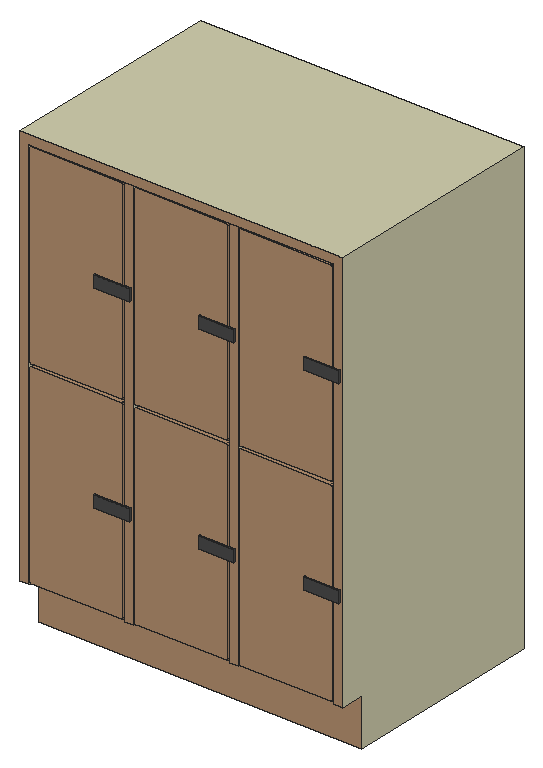
Revit family "Cabinet_Wenger_UltraStor_51", category Furniture, Revit 2015
Parameters (values of type "UltraStor Cabinet #51 - Comp Wood Doors")
  URL = "https://www.wengercorp.com/"
  Type Comments = ""
  Specification = "http://www.arcat.com/sdspecs/htm04/12_35_83wen.htm"
  Shelf Thickness = 0' - 1 1/8"
  Sales Information = "https://www.wengercorp.com/contact-us.php"
  Revision = "R1_2018-04"
  Rear Panel Thickness = 0' - 0 3/4"
  Product Data = "http://www.arcat.com/arcatcos/cos36/arc36487.html"
  Manufacturer Website = "https://www.wengercorp.com/"
  Manufacturer Phone - Toll Free = "800-4WENGER"
  Manufacturer Phone = "(507) 455-4100"
  Manufacturer Fax = "(507) 455-4258"
  Manufacturer Address = "555 Park Dr., Owatonna, MN 55060"
  Keynote = "12 35 83"
  HasDoors = yes
  Green Building-LEED = "http://www.arcat.com/green/clients/leed_data_36487.html"
  Drawn By = "Sumex Design, Inc. / Robert S. Weygant, CSI, CDT, SCIP"
  Door Width = (Cabinet Width - 0' 3") / 3  # 0' - 8.16667"
  Door Style = Door_Base : Solid Door
  Door Material [instance] = Wenger Cherry (Use Cherry Edge Band Only)
  Door Height = (Cabinet Height - 0' 4 3/4") / 5  # 0' - 6.7125"
  Toe Kick Material [instance] = Wenger Cherry (Use Cherry Edge Band Only)
  RH End Panel [instance] = no
  Model = "#51"
  Manufacturer = "Wenger Corporation"
  LH End Panel [instance] = no
  End Panel Material [instance] = Wenger Cherry (Use Cherry Edge Band Only)
  Edge Banding Material [instance] = Wenger Cherry (Use Cherry Edge Band Only)
  Cost = 0
  Copyright = "© 2018 Arcat Inc."
  Construction Details = "http://www.arcat.com/details/wengerco/wengerco.html?coid=36487"
  Body Material [instance] = Wenger - Oyster
  Description = "Wenger UltraStor Cabinet #51 - Comp Wood Doors"
  Cabinet Width = 2' - 3 1/2"
  Cabinet Height = 3' - 2 5/16"
  Installed Depth = 1' - 7 1/4"
  Cabinet Panel Thickness = 0' - 0 3/4"
  Assembly Code = "E2010200"
Types (14): name | Rear Panel Thickness | HasDoors | Door Width | Door Style | Door Material | Model | Description | Cabinet Width | Installed Depth
  Acoustic Cabinet #51 - No Doors | 0' - 3 1/4" | no | 0' - 8.16667" | Door_Base : Solid Door | none | "#51A" | "Wenger Acoustic Cabinet #51 - No Doors" | 2' - 3 1/2" | 1' - 9 3/4"
  Narrow Acoustic Cabinet #51 - No Doors | 0' - 3 1/4" | no | 0' - 6.16667" | Door_Base : Solid Door | none | "#51NA" | "Wenger Narrow Acoustic Cabinet #51 - No Doors" | 1' - 9 1/2" | 1' - 9 3/4"
  Narrow Acoustic Cabinet #51 - Comp Waterfall Grille Doors | 0' - 3 1/4" | yes | 0' - 6.16667" | Door_Base : Waterfall | Painted Black | "#51NA" | "Wenger Narrow Acoustic Cabinet #51 - Comp Waterfall Grille Doors" | 1' - 9 1/2" | 1' - 9 3/4"
  Acoustic Cabinet #51 - Comp Waterfall Grille Doors | 0' - 3 1/4" | yes | 0' - 8.16667" | Door_Base : Waterfall | Painted Black | "#51A" | "Wenger Acoustic Cabinet #51 - Comp Waterfall Grille Doors" | 2' - 3 1/2" | 1' - 9 3/4"
  Narrow Acoustic Cabinet #51 - Comp Grille Doors | 0' - 3 1/4" | yes | 0' - 6.16667" | Door_Base : Bars | Painted Black | "#51NA" | "Wenger Narrow Acoustic Cabinet #51 - Comp Grille Doors" | 1' - 9 1/2" | 1' - 9 3/4"
  Acoustic Cabinet #51 - Comp Grille Doors | 0' - 3 1/4" | yes | 0' - 8.16667" | Door_Base : Bars | Painted Black | "#51A" | "Wenger Acoustic Cabinet #51 - Comp Grille Doors" | 2' - 3 1/2" | 1' - 9 3/4"
  Narrow UltraStor Cabinet #51 - Comp Grille Doors | 0' - 0 3/4" | yes | 0' - 6.16667" | Door_Base : Bars | Painted Black | "#51N" | "Wenger Narrow Cabinet #51 - Comp Grille Doors" | 1' - 9 1/2" | 1' - 7 1/4"
  UltraStor Cabinet #51 - Comp Grille Doors | 0' - 0 3/4" | yes | 0' - 8.16667" | Door_Base : Bars | Painted Black | "#51" | "Wenger UltraStor Cabinet #51 - Comp Grille Doors" | 2' - 3 1/2" | 1' - 7 1/4"
  UltraStor Cabinet #51 - No Doors | 0' - 0 3/4" | no | 0' - 8.16667" | Door_Base : Solid Door | none | "#51" | "Wenger UltraStor Cabinet #51 - No Doors" | 2' - 3 1/2" | 1' - 7 1/4"
  UltraStor Cabinet #51 - Comp Waterfall Grille Doors | 0' - 0 3/4" | yes | 0' - 8.16667" | Door_Base : Waterfall | Painted Black | "#51" | "Wenger UltraStor Cabinet #51 - Comp Waterfall Grille Doors" | 2' - 3 1/2" | 1' - 7 1/4"
  Narrow UltraStor Cabinet #51 - No Doors | 0' - 0 3/4" | no | 0' - 6.16667" | Door_Base : Solid Door | none | "#51N" | "Wenger Narrow Cabinet #51 - No Doors" | 1' - 9 1/2" | 1' - 7 1/4"
  Narrow UltraStor Cabinet #51 - Comp Wood Doors | 0' - 0 3/4" | yes | 0' - 6.16667" | Door_Base : Solid Door | Wenger Cherry (Use Cherry Edge Band Only) | "#51N" | "Wenger Narrow Cabinet #51 - Comp Wood Doors" | 1' - 9 1/2" | 1' - 7 1/4"
  Narrow UltraStor Cabinet #51 - Comp Waterfall Grille Doors | 0' - 0 3/4" | yes | 0' - 6.16667" | Door_Base : Waterfall | Painted Black | "#51N" | "Wenger Narrow Cabinet #51 - Comp Waterfall Grille Doors" | 1' - 9 1/2" | 1' - 7 1/4"
  UltraStor Cabinet #51 - Comp Wood Doors | 0' - 0 3/4" | yes | 0' - 8.16667" | Door_Base : Solid Door | Wenger Cherry (Use Cherry Edge Band Only) | "#51" | "Wenger UltraStor Cabinet #51 - Comp Wood Doors" | 2' - 3 1/2" | 1' - 7 1/4"
Reference planes (in)
  plane 1 "Front": y = 0
  plane 2: z = 0
  plane 3 "Left": x = 0
  plane 4 "Right": x = 27.5
  plane 5 "Back": y = 19.25
  plane 6 "Top": z = 38.3125
  plane 7: z = 4
  plane 8: z = 20.78125
  plane 9: x = 0.75
  plane 10: x = 26.75
  plane 11: z = 37.5625
  plane 12: x = 8.91667
  plane 13: x = 9.66667
  plane 14: x = 17.83333
  plane 15: x = 18.58333
  plane 16: y = 18.5
  plane 17: y = 2
  plane 18: y = 0.75
  plane 19: z = 21.90625
  plane 20: z = 5.125
Forms (in)
  Extrusion 1, solid, material "Wenger - Oyster" <- "Body Material"
    sketch origin (0, 0, 0) x (0, 1, 0) y (0, 0, 1)
      loop
        line (0, 38.3125) -> (0, 4) -> (2, 4) -> (2, 0) -> (19.25, 0) -> (19.25, 38.3125) -> (0, 38.3125)
    from 0 to 27.5
  Extrusion 2, void
    sketch origin (0, 0, 0) x (0, 1, 0) y (0, 0, 1)
      loop
        line (-5.5, 37.5625) -> (-5.5, 4) -> (0.75, 4)
        arc (0.75, 4) -> (1.15915, 4.80234) -> (2, 5.125) r 1.25694
        line (2, 5.125) -> (18.5, 5.125) -> (18.5, 20.78125) -> (0.75, 20.78125)
        arc (0.75, 20.78125) -> (1.18296, 21.55713) -> (2, 21.90625) r 1.375
        line (2, 21.90625) -> (18.5, 21.90625) -> (18.5, 37.5625) -> (-5.5, 37.5625)
    from 0.75 to 8.91667
  Extrusion 3, void
    sketch origin (0, 0, 0) x (0, 1, 0) y (0, 0, 1)
      loop
        line (-5.5, 37.5625) -> (-5.5, 4) -> (0.75, 4)
        arc (0.75, 4) -> (1.18296, 4.77588) -> (2, 5.125) r 1.375
        line (2, 5.125) -> (18.5, 5.125) -> (18.5, 20.78125) -> (0.75, 20.78125)
        arc (0.75, 20.78125) -> (1.18296, 21.55713) -> (2, 21.90625) r 1.375
        line (2, 21.90625) -> (18.5, 21.90625) -> (18.5, 37.5625) -> (-5.5, 37.5625)
    from 9.66667 to 17.83333
  Extrusion 4, void
    sketch origin (0, 0, 0) x (0, 1, 0) y (0, 0, 1)
      loop
        line (-5.5, 37.5625) -> (-5.5, 4) -> (0.75, 4)
        arc (0.75, 4) -> (1.18296, 4.77588) -> (2, 5.125) r 1.375
        line (2, 5.125) -> (18.5, 5.125) -> (18.5, 20.78125) -> (0.75, 20.78125)
        arc (0.75, 20.78125) -> (1.18296, 21.55713) -> (2, 21.90625) r 1.375
        line (2, 21.90625) -> (18.5, 21.90625) -> (18.5, 37.5625) -> (-5.5, 37.5625)
    from 18.58333 to 26.75
  Extrusion 5, void
    sketch origin (0, 0, 0) x (0, 1, 0) y (0, 0, 1)
      loop
        line (0, 37.5625) -> (0, 4) -> (0.0625, 4) -> (0.0625, 37.5625) -> (0, 37.5625)
    from 0.75 to 26.75
Cuts and joins
  Extrusion 2, Extrusion 3, Extrusion 4, Extrusion 5 cuts Extrusion 1
Lines and regions (in)
  Masking region 1
    outline origin (0, 0, 0) x (1, 0, 0) y (0, 1, 0)
      loop
        line (0, 19.25) -> (0, 0) -> (27.5, 0) -> (27.5, 19.25) -> (0, 19.25)
Dimensions and locks (in)
  "Cabinet Panel Thickness": plane 3 "Left" to plane 9
  "Cabinet Panel Thickness": plane 10 to plane 4 "Right"
  "Cabinet Panel Thickness": plane 5 "Back" to plane 16
  locked: plane 1 "Front" to plane 18 at 0.75
  locked: plane 1 "Front" to plane 17 at 2
  "Shelf Thickness": plane 19 to plane 8
  "Cabinet Panel Thickness": plane 6 "Top" to plane 11
  "Shelf Thickness": plane 20 to plane 7
  "Cabinet Width": plane 3 "Left" to plane 4 "Right"
  locked: plane 7 to level at 4
  "Cabinet Height": plane 6 "Top" to level
  "Installed Depth": plane 1 "Front" to plane 5 "Back"
  "Door Width": plane 12 to plane 9
  "Door Width": plane 14 to plane 13
  "Door Width": plane 10 to plane 15
  plane 3 "Left" to plane 4 "Right" = 2' - 3 1/2"
  locked: plane 15 to plane 14 at 0.75
  equal spacing: plane 13, nested 2, plane 14
  equal spacing: plane 5 "Back", nested 2, plane 1 "Front"
  equal spacing: plane 11, plane 8, plane 7
  aligned and locked: Extrusion 1 sketch curve to plane 6 "Top"
  aligned and locked: Extrusion 1 sketch curve to plane 5 "Back"
  aligned and locked: Extrusion 1 sketch curve to plane 1 "Front"
  aligned and locked: Extrusion 1 sketch curve to plane 7
  aligned and locked: Extrusion 1 sketch curve to plane 17
  aligned and locked: Extrusion 1 sketch curve to level
  aligned and locked: Extrusion 1 to plane 4 "Right"
  aligned and locked: Extrusion 1 to plane 3 "Left"
  aligned and locked: Extrusion 2 sketch curve to plane 11
  aligned and locked: Extrusion 2 sketch curve to plane 19
  aligned and locked: Extrusion 2 sketch curve to plane 8
  aligned and locked: Extrusion 2 sketch curve to plane 20
  aligned and locked: Extrusion 2 to plane 9
  aligned and locked: plane 12 to Extrusion 2
  aligned and locked: plane 14 to Extrusion 3
  aligned and locked: Extrusion 3 to plane 13
  aligned and locked: Extrusion 4 to plane 10
  aligned and locked: Extrusion 4 to plane 15
  aligned and locked: Extrusion 5 sketch curve to cut or joined group of Extrusion 1, Extrusion 2, Extrusion 3, Extrusion 4, Extrusion 5  (x3)
  aligned and locked: Extrusion 5 to plane 10
  aligned and locked: Extrusion 5 to plane 9
  aligned and locked: nested 3 to plane 9
  aligned and locked: plane 12 to nested 3
  aligned and locked: plane 11 to nested 3
  aligned and locked: plane 11 to nested 4
  aligned and locked: nested 4 to plane 13
  aligned and locked: plane 14 to nested 4
  aligned and locked: cut or joined group of Extrusion 1, Extrusion 2, Extrusion 3, Extrusion 4, Extrusion 5 to plane 15
  aligned and locked: cut or joined group of Extrusion 1, Extrusion 2, Extrusion 3, Extrusion 4, Extrusion 5 to plane 10
  aligned and locked: plane 11 to nested 5
  aligned and locked: plane 8 to cut or joined group of Extrusion 1, Extrusion 2, Extrusion 3, Extrusion 4, Extrusion 5
  aligned and locked: nested 8 to plane 10
  aligned and locked: nested 5 to plane 10
  aligned and locked: nested 5 to plane 15
  aligned and locked: nested 8 to plane 15
  aligned and locked: plane 14 to cut or joined group of Extrusion 1, Extrusion 2, Extrusion 3, Extrusion 4, Extrusion 5
  aligned and locked: nested 7 to plane 13
  aligned and locked: plane 12 to nested 6
  aligned and locked: nested 6 to plane 9
  aligned and locked: plane 7 to cut or joined group of Extrusion 1, Extrusion 2, Extrusion 3, Extrusion 4, Extrusion 5
  aligned and locked: nested 7 to plane 7
  aligned and locked: nested 8 to plane 7
  aligned and locked: nested 6 to plane 7
  aligned and locked: plane 18 to Extrusion 2 sketch curve
  aligned and locked: plane 1 "Front" to nested 9
  aligned and locked: nested 9 to level
  aligned and locked: nested 9 to plane 4 "Right"
  aligned and locked: Masking region 1 sketch curve to plane 5 "Back"
  aligned and locked: Masking region 1 sketch curve to plane 1 "Front"
  aligned and locked: plane 3 "Left" to Masking region 1 sketch curve
  aligned and locked: plane 4 "Right" to Masking region 1 sketch curve
  aligned and locked: plane 8 to nested 6
  aligned and locked: plane 8 to nested 7
  aligned and locked: plane 8 to nested 8
  aligned and locked: nested 5 to plane 8
  aligned and locked: nested 4 to plane 8
  aligned and locked: nested 3 to plane 8
  aligned and locked: plane 14 to nested 7
Automatic sketch dimensions
  Extrusion 3 sketch curve to plane 11 = 0' - 0"
  Extrusion 3 sketch curve to plane 7 = 0' - 0"
  Extrusion 3 sketch curve to plane 18 = 0' - 0"  (x2)
  Extrusion 3 sketch curve to plane 8 = 0' - 0"
  Extrusion 3 sketch curve to plane 17 = 0' - 0"  (x2)
  Extrusion 3 sketch curve to plane 16 = 0' - 0"  (x2)
  Extrusion 3 sketch curve to plane 20 = 0' - 0"
  Extrusion 3 sketch curve to plane 19 = 0' - 0"
  plane 1 "Front" to Extrusion 3 sketch curve = 0' - 5 1/2"
  Extrusion 3 sketch curve to plane 17 = 0' - 0.10279"  (x2)
  Extrusion 4 sketch curve to plane 11 = 0' - 0"
  Extrusion 4 sketch curve to plane 7 = 0' - 0"
  Extrusion 4 sketch curve to plane 18 = 0' - 0"  (x2)
  Extrusion 4 sketch curve to plane 8 = 0' - 0"
  Extrusion 4 sketch curve to plane 17 = 0' - 0"  (x2)
  Extrusion 4 sketch curve to plane 16 = 0' - 0"  (x2)
  Extrusion 4 sketch curve to plane 20 = 0' - 0"
  Extrusion 4 sketch curve to plane 19 = 0' - 0"
  plane 1 "Front" to Extrusion 4 sketch curve = 0' - 5 1/2"
  Extrusion 4 sketch curve to plane 17 = 0' - 0.10279"  (x2)
  plane 18 to Extrusion 5 sketch curve = 0' - 0 11/16"
  Extrusion 2 sketch curve to plane 7 = 0' - 0"
  Extrusion 2 sketch curve to plane 17 = 0' - 0"  (x2)
  Extrusion 2 sketch curve to plane 16 = 0' - 0"  (x2)
  plane 1 "Front" to Extrusion 2 sketch curve = 0' - 5 1/2"
  Extrusion 2 sketch curve to plane 18 = 0' - 0"
  Extrusion 2 sketch curve to plane 17 = 0' - 0.10279"
Nested families (in)
  nested 1: "End Panel" at (0, 4.25, 0) x (0, -1, 0) z (0, 0, 1), End Panel Material <- "End Panel Material", visible <- "LH End Panel", Edge Banding Material <- "Edge Banding Material", type "End Panel"
    with End Panel Material Wenger Cherry (Use Cherry Edge Band Only), Edge Banding Material Wenger Cherry (Use Cherry Edge Band Only), End Panel Height 3' - 2 5/16", End Panel Depth 1' - 7 1/4"
  nested 2: "Labels" at (13.75, 9.625, 0), type "Labels"
  nested 3: "Door_Base" at (4.83333, 0, 20.78125) x (1, 0, 0) z (0, -1, 0), type <- "Door Style", visible <- "HasDoors", type "Solid Door", detail levels medium+fine
    with vBars 6, Width 0' - 8.16667", ToeKick Height 0' - 4", MidBar no, Height 1' - 4 25/32", BarHt 1' - 4 9/32", 2HzBars no
  nested 4: "Door_Base" at (13.75, 0, 20.78125) x (1, 0, 0) z (0, -1, 0), type <- "Door Style", visible <- "HasDoors", type "Solid Door", detail levels medium+fine
    with vBars 6, Width 0' - 8.16667", ToeKick Height 0' - 4", MidBar no, Height 1' - 4 25/32", BarHt 1' - 4 9/32", 2HzBars no
  nested 5: "Door_Base" at (22.66667, 0, 20.78125) x (1, 0, 0) z (0, -1, 0), type <- "Door Style", visible <- "HasDoors", type "Solid Door", detail levels medium+fine
    with vBars 6, Width 0' - 8.16667", ToeKick Height 0' - 4", MidBar no, Height 1' - 4 25/32", BarHt 1' - 4 9/32", 2HzBars no
  nested 6: "Door_Base" at (4.83333, 0, 4) x (1, 0, 0) z (0, -1, 0), type <- "Door Style", visible <- "HasDoors", type "Solid Door", detail levels medium+fine
    with vBars 6, Width 0' - 8.16667", ToeKick Height 0' - 4", MidBar no, Height 1' - 4 25/32", BarHt 1' - 4 9/32", 2HzBars no
  nested 7: "Door_Base" at (13.75, 0, 4) x (1, 0, 0) z (0, -1, 0), type <- "Door Style", visible <- "HasDoors", type "Solid Door", detail levels medium+fine
    with vBars 6, Width 0' - 8.16667", ToeKick Height 0' - 4", MidBar no, Height 1' - 4 25/32", BarHt 1' - 4 9/32", 2HzBars no
  nested 8: "Door_Base" at (22.66667, 0, 4) x (1, 0, 0) z (0, -1, 0), type <- "Door Style", visible <- "HasDoors", type "Solid Door", detail levels medium+fine
    with vBars 6, Width 0' - 8.16667", ToeKick Height 0' - 4", MidBar no, Height 1' - 4 25/32", BarHt 1' - 4 9/32", 2HzBars no
  nested 9: "End Panel" at (28.25, 4.25, 0) x (0, -1, 0) z (0, 0, 1), End Panel Material <- "End Panel Material", Edge Banding Material <- "Edge Banding Material", visible <- "RH End Panel", type "End Panel"
    with End Panel Material Wenger Cherry (Use Cherry Edge Band Only), Edge Banding Material Wenger Cherry (Use Cherry Edge Band Only), End Panel Height 3' - 2 5/16", End Panel Depth 1' - 7 1/4"
Definition of nested family "End Panel"
  Parameters (values of type "End Panel")
    End Panel Material [instance] = none
    End Panel Height = 7' - 1 5/8"
    End Panel Depth = 1' - 9 3/4"
    Edge Banding Material [instance] = none
    Default Elevation = 4' - 0"
    Assembly Code = ""
  Reference planes (in)
    plane 1 "Center (Front/Back)": y = 0
    plane 2: z = 0
    plane 3 "Center (Left/Right)": x = 0
    plane 4: x = -15
    plane 5: x = 6.75
    plane 6: z = 4
    plane 7: x = 4.75
    plane 8: z = 85.625
    plane 9: y = -0.75
  Forms (in)
    Extrusion 1, solid, material <- "End Panel Material"
      sketch origin (0, 0, 0) x (1, 0, 0) y (0, 0, 1)
        loop
          line (-15, 85.625) -> (-15, 0) -> (4.75, 0) -> (4.75, 4) -> (6.75, 4) -> (6.75, 85.625) -> (-15, 85.625)
      from 0 to 0.75
  Lines and regions (in)
    Masking region 1, detail levels coarse+medium
      outline origin (0, 0, 0) x (1, 0, 0) y (0, 1, 0)
        loop
          line (-15, 0) -> (-15, -0.75) -> (6.75, -0.75) -> (6.75, 0) -> (-15, 0)
  Dimensions and locks (in)
    locked: plane 7 to plane 5 at 2
    locked: plane 6 to level at 4
    "End Panel Height": plane 8 to level
    "End Panel Depth": plane 5 to plane 4
    locked: plane 9 to plane 1 "Center (Front/Back)" at 0.75
    aligned and locked: plane 4 to Extrusion 1 sketch curve
    aligned and locked: level to Extrusion 1 sketch curve
    aligned and locked: plane 7 to Extrusion 1 sketch curve
    aligned and locked: plane 6 to Extrusion 1 sketch curve
    aligned and locked: Extrusion 1 sketch curve to plane 5
    aligned and locked: Extrusion 1 sketch curve to plane 8
    aligned and locked: Extrusion 1 to plane 9
    aligned and locked: Extrusion 1 to plane 1 "Center (Front/Back)"
    aligned and locked: plane 4 to Masking region 1 sketch curve
    aligned and locked: Masking region 1 sketch curve to plane 5
    aligned and locked: plane 1 "Center (Front/Back)" to Masking region 1 sketch curve
    aligned and locked: plane 9 to Masking region 1 sketch curve
Definition of nested family "Door_Base"
  Parameters (values of type "None")
    vBars [instance] = (Width - 0' 2") / 0' 1"  # 6
    Width [instance] = 0' - 8"
    ToeKick Height [instance] = 0' - 4"
    Thickness = 0' - 0 3/4"
    Solid Door = no
    Shelf Thickness = 0' - 0 3/4"
    Panel Thickness = 0' - 0 3/4"
    MidBar [instance] = and(Height < 1' 6", HasDoor, not(Solid Door))  # no
    Height [instance] = 1' - 2 5/8"
    HasDoor = no
    Edge Banding = none
    DoorGap = 0' - 0 1/8"
    Door Finish = none
    Depth = 2' - 0"
    Default Elevation = 4' - 0"
    Bars = no
    BarStyle = Bars : Waterfall
    BarHt [instance] = Height - 0' 0 1/2"  # 1' - 2 1/8"
    2HzBars [instance] = and(Height > 1' 6", not(Solid Door))  # no
  Types (4): name | Thickness | Solid Door | MidBar | HasDoor | Bars | BarStyle
    Solid Door | 0' - 0 3/4" | yes | no | yes | no | Bars : Waterfall
    Bars | 0' - 0 1/4" | no | yes | yes | yes | Bars : Straight
    Waterfall | 0' - 0 3/4" | no | yes | yes | yes | Bars : Waterfall
    None | 0' - 0 3/4" | no | no | no | no | Bars : Waterfall
  Reference planes (in)
    plane 1 "Center (Front/Back)": y = 0
    plane 2: z = 0
    plane 3 "Center (Left/Right)": x = 0
    plane 4: x = -4
    plane 5: y = 14.625
    plane 6: x = 4
    plane 7: z = -0.75
    plane 8: x = -3.875
    plane 9: x = 3.875
    plane 10: y = 0.125
    plane 11: y = 14.5
    plane 12: y = -0.75
    plane 13 "CL Elev": y = 7.3125
    plane 14: x = -3.75
    plane 15: x = 3.75
    plane 16 "BtmRail": y = 0.25
    plane 17: y = 14.375
    plane 18: z = -0.125
    plane 19: x = -2.75
    plane 20: x = 2.75
    plane 21: y = 9.66667
    plane 22: y = 4.95833
  Forms (in)
    Extrusion 1, solid, material <- "Door Finish", visible <- "Solid Door", detail levels medium+fine
      sketch origin (0, 0, 0) x (1, 0, 0) y (0, 1, 0)
        loop
          arc (-3.75, 14.5) -> (-3.83839, 14.46339) -> (-3.875, 14.375) r 0.125
          line (-3.875, 14.375) -> (-3.875, 0.25)
          arc (-3.875, 0.25) -> (-3.83839, 0.16161) -> (-3.75, 0.125) r 0.125
          line (-3.75, 0.125) -> (3.75, 0.125)
          arc (3.75, 0.125) -> (3.83839, 0.16161) -> (3.875, 0.25) r 0.125
          line (3.875, 0.25) -> (3.875, 14.375)
          arc (3.875, 14.375) -> (3.83839, 14.46339) -> (3.75, 14.5) r 0.125
          line (3.75, 14.5) -> (-3.75, 14.5)
      from 0 to -0.75
    Sweep 2, solid, material <- "Door Finish", visible <- "Bars", detail levels medium+fine
      path origin (0, 0, 0) x (1, 0, 0) y (0, 1, 0)
        loop
          arc (-3.125, 14.5) -> (-3.65533, 14.28033) -> (-3.875, 13.75) r 0.75
          line (-3.875, 13.75) -> (-3.875, 0.875)
          arc (-3.875, 0.875) -> (-3.65533, 0.34467) -> (-3.125, 0.125) r 0.75
          line (-3.125, 0.125) -> (3.125, 0.125)
          arc (3.125, 0.125) -> (3.65533, 0.34467) -> (3.875, 0.875) r 0.75
          line (3.875, 0.875) -> (3.875, 13.75)
          arc (3.875, 13.75) -> (3.65533, 14.28033) -> (3.125, 14.5) r 0.75
          line (3.125, 14.5) -> (-3.125, 14.5)
      profile origin (0, 14.5, 0) x (0, 1, 0) y (0, 0, 1)
        loop
          circle (-0.125, -0.125) r 0.125
    Extrusion 3, solid, material <- "Door Finish", visible <- "MidBar", detail levels medium+fine
      sketch origin (0, 0, 0) x (0, 1, 0) y (0, 0, 1)
        loop
          circle (7.3125, -0.125) r 0.125
      from -3.75 to 3.75
    Extrusion 4, solid, visible <- "HasDoor", detail levels fine
      sketch origin (0, 0, 0) x (1, 0, 0) y (0, 1, 0)
        loop
          line (1.5, 7.8125) -> (1.5, 6.8125) -> (4.5, 6.8125) -> (4.5, 7.8125) -> (1.5, 7.8125)
      from 0 to 0.125
    Extrusion 5, solid, material <- "Door Finish", visible <- "2HzBars", detail levels medium+fine
      sketch origin (0, 0, 0) x (0, 1, 0) y (0, 0, 1)
        loop
          circle (9.66667, -0.125) r 0.125
        loop
          circle (4.95833, -0.125) r 0.125
      from -3.75 to 3.75
  Lines and regions (in)
    symbolic lines, visible <- "HasDoor", detail levels medium+fine
      curve 1: line (4, 0.25, 0) -> (-4, 0.25, 0)
      curve 2: line (-4, 0.25, 0) -> (-4, 0.25, 8)
      curve 3: arc (4, 0.25, 0) -> (1.65685, 0.25, 5.65685) -> (-4, 0.25, 8) r 8
    symbolic lines, visible <- "HasDoor"
      curve 4: line (3.875, 0.25, 0) -> (3.875, 0.25, -0.75)
      curve 5: line (3.875, 0.25, -0.75) -> (-3.875, 0.25, -0.75)
      curve 6: line (-3.875, 0.25, -0.75) -> (-3.875, 0.25, 0)
    symbolic lines, detail levels medium
      curve 7: line (3.875, 14.5, 0) -> (-3.875, 7.3125, 0)
      curve 8: line (-3.875, 7.3125, 0) -> (3.875, 0.125, 0)
  Dimensions and locks (in)
    "Height": plane 1 "Center (Front/Back)" to plane 5
    "Thickness": level to plane 7
    equal spacing: plane 4, plane 3 "Center (Left/Right)", plane 6
    "Width": plane 4 to plane 6
    "DoorGap": plane 5 to plane 11
    "DoorGap": plane 9 to plane 6
    "DoorGap": plane 4 to plane 8
    "DoorGap": plane 1 "Center (Front/Back)" to plane 10
    "Shelf Thickness": plane 1 "Center (Front/Back)" to plane 12
    equal spacing: plane 1 "Center (Front/Back)", plane 13 "CL Elev", plane 5
    locked: plane 15 to plane 9 at 0.125
    locked: plane 8 to plane 14 at 0.125
    locked: plane 11 to plane 17 at 0.125
    locked: plane 16 "BtmRail" to plane 10 at 0.125
    locked: level to plane 18 at 0.125
    plane 19 to plane 14 = 0' - 1"
    locked: plane 15 to plane 20 at 1
    Extrusion 4 sketch curve to plane 13 "CL Elev" to Extrusion 4 sketch curve = 0' - 0 1/2" locked, 0' - 0 1/2" locked
    locked: plane 6 to Extrusion 4 sketch curve at 0.5
    locked: Extrusion 4 sketch curve to plane 6 at 2.5
    locked: Extrusion 4 to level at 0.125
    equal spacing: group 1, group 3, group 4, group 5, group 6, group 2  (x3)
    equal spacing: plane 17, plane 21, plane 22, plane 16 "BtmRail"
    "Width": radius of curve 3
    aligned and locked: plane 2 to level
    aligned and locked: Extrusion 1 sketch curve to plane 11
    aligned and locked: plane 8 to Extrusion 1 sketch curve
    aligned and locked: Extrusion 1 sketch curve to plane 9
    aligned and locked: plane 10 to Extrusion 1 sketch curve
    aligned and locked: Extrusion 1 to plane 7
    aligned and locked: level to Extrusion 1
    aligned and locked: Sweep 2 sketch curve to plane 11
    aligned and locked: plane 8 to Sweep 2 sketch curve
    aligned and locked: plane 10 to Sweep 2 sketch curve
    aligned and locked: Sweep 2 sketch curve to plane 9
    aligned and locked: plane 15 to Extrusion 3
    aligned and locked: Extrusion 3 to plane 14
    aligned and locked: plane 20 to nested 2
    aligned and locked: plane 19 to nested 1
    aligned and locked: plane 21 to Extrusion 5 sketch curve
    aligned and locked: plane 18 to Extrusion 5 sketch curve  (x2)
    aligned and locked: plane 22 to Extrusion 5 sketch curve
    aligned and locked: Extrusion 5 to Extrusion 3  (x2)
    aligned and locked: plane 4 to curve 3  (x2)
    aligned and locked: level to curve 3
    aligned and locked: plane 7 to curve 5
    aligned and locked: Extrusion 1 to plane 8
    aligned and locked: plane 9 to Extrusion 1
    aligned and locked: plane 10 to curve 8
    aligned and locked: plane 9 to curve 8
    aligned and locked: plane 13 "CL Elev" to curve 8
    aligned and locked: plane 11 to curve 7
    aligned and locked: plane 9 to curve 7
  Automatic sketch dimensions
    plane 8 to Sweep 2 sketch curve = 0' - 0 3/4"  (x2)
    Sweep 2 sketch curve to plane 9 = 0' - 0 3/4"
    Sweep 2 sketch curve to Sweep 2 sketch curve = 0' - 0 3/4"
    Sweep 2 sketch curve to level = 0' - 0 1/8"
    profile plane to Sweep 2 sketch curve = 0' - 0 1/8"
    Extrusion 3 sketch curve to level = 0' - 0 1/8"
    Extrusion 3 sketch curve to plane 13 "CL Elev" = 0' - 0"
    curve 8 to plane 8 = 0' - 0"
    Extrusion 1 sketch curve to plane 14 = 0' - 0"  (x2)
    Extrusion 1 sketch curve to plane 15 = 0' - 0"  (x2)
    curve 5 to plane 9 = 0' - 0"
    curve 6 to plane 8 = 0' - 0"
    radius of Sweep 2 sketch curve = 0' - 0 1/8"
    radius of Extrusion 3 sketch curve = 0' - 0 1/8"
    radius of Extrusion 5 sketch curve = 0' - 0 1/8"  (x2)
  Nested families (in)
    nested 1: "Bars" at (-2.75, 0.25, -0.125) x (1, 0, 0) z (0, 1, 0), type <- "BarStyle", visible <- "Bars", type "Waterfall", detail levels fine
      with Lateral Deviation 0' - 1", Height 1' - 2 1/8"
    nested 2: "Bars" at (2.75, 0.25, -0.125) x (1, 0, 0) z (0, 1, 0), type <- "BarStyle", visible <- "Bars", type "Waterfall", detail levels fine
      with Lateral Deviation 0' - 1", Height 1' - 2 1/8"
    nested 3: "Bars" at (-1.65, 0.25, -0.125) x (1, 0, 0) z (0, 1, 0), type <- "BarStyle", visible <- "Bars", type "Waterfall", detail levels fine
      with Lateral Deviation 0' - 1", Height 1' - 2 1/8"
    nested 4: "Bars" at (-0.55, 0.25, -0.125) x (1, 0, 0) z (0, 1, 0), type <- "BarStyle", visible <- "Bars", type "Waterfall", detail levels fine
      with Lateral Deviation 0' - 1", Height 1' - 2 1/8"
    nested 5: "Bars" at (0.55, 0.25, -0.125) x (1, 0, 0) z (0, 1, 0), type <- "BarStyle", visible <- "Bars", type "Waterfall", detail levels fine
      with Lateral Deviation 0' - 1", Height 1' - 2 1/8"
    nested 6: "Bars" at (1.65, 0.25, -0.125) x (1, 0, 0) z (0, 1, 0), type <- "BarStyle", visible <- "Bars", type "Waterfall", detail levels fine
      with Lateral Deviation 0' - 1", Height 1' - 2 1/8"
  Definition of nested family "Bars"
    Parameters (values of type "Straight")
      WaterFall = no
      Straight = yes
      Lateral Deviation = 0' - 1 1/2"
      Height = 1' - 2 5/8"
      Default Elevation = 4' - 0"
      Bars = none
    Types (3): name | WaterFall | Straight
      (no name) | no | yes
      Waterfall | yes | no
      Straight | no | yes
    Reference planes (in)
      plane 1 "Center (Front/Back)": y = 0
      plane 2: z = 0
      plane 3 "Center (Left/Right)": x = 0
      plane 4: z = 14.625
      plane 5: z = 7.3125
      plane 6: x = 0.75
      plane 7: x = -0.75
      plane 8: z = 10.96875
      plane 9: z = 3.65625
    Forms (in)
      Sweep 1, solid, material <- "Bars", visible <- "WaterFall"
        path origin (0, 0, 0) x (1, 0, 0) y (0, 0, 1)
          loop
            arc (0, 0) -> (0.56057, 1.79006) -> (0.75, 3.65625) r 9.28711
            arc (0.75, 3.65625) -> (0.56057, 5.52244) -> (0, 7.3125) r 9.28711
        profile origin (0.56057, 0, 1.79006) x (-0.979603, 0, 0.200944) y (0, -1, 0)
          loop
            circle (0, 0) r 0.0625
      Sweep 2, solid, material <- "Bars", visible <- "WaterFall"
        path origin (0, 0, 14.625) x (-1, 0, 0) y (0, 0, -1)
          loop
            arc (0, 0) -> (0.56057, 1.79006) -> (0.75, 3.65625) r 9.28711
            arc (0.75, 3.65625) -> (0.56057, 5.52244) -> (0, 7.3125) r 9.28711
        profile origin (-0.56057, 0, 12.83494) x (0.979603, 0, -0.200944) y (0, -1, 0)
          loop
            circle (0, 0) r 0.0625
      Extrusion 3, solid, material <- "Bars", visible <- "Straight"
        sketch origin (0, 0, 0) x (1, 0, 0) y (0, 1, 0)
          loop
            circle (0, 0) r 0.0625
        from 0 to 14.625
    Dimensions and locks (in)
      "Height": plane 4 to level
      equal spacing: plane 6, plane 3 "Center (Left/Right)", plane 7
      "Lateral Deviation": plane 6 to plane 7
      equal spacing: plane 4, plane 8, plane 5, plane 9, level
      aligned and locked: plane 2 to level
      aligned and locked: plane 3 "Center (Left/Right)" to Sweep 1 sketch curve  (x2)
      aligned and locked: level to Sweep 1 sketch curve
      aligned and locked: plane 6 to Sweep 1 sketch curve
      aligned and locked: plane 9 to Sweep 1 sketch curve
      aligned and locked: plane 4 to Sweep 2 sketch curve
      aligned and locked: plane 3 "Center (Left/Right)" to Sweep 2 sketch curve  (x2)
      aligned and locked: plane 8 to Sweep 2 sketch curve
      aligned and locked: plane 7 to Sweep 2 sketch curve
      aligned and locked: plane 5 to Sweep 2 sketch curve
      aligned and locked: plane 4 to Extrusion 3
      aligned and locked: Extrusion 3 to level
    Automatic sketch dimensions
      plane 1 "Center (Front/Back)" to Sweep 1 sketch curve = 0' - 0"
      Sweep 1 sketch curve to profile plane = 0' - 0"
      Sweep 1 sketch curve to Sweep 1 sketch curve = 0' - 0"
      Sweep 2 sketch curve to plane 1 "Center (Front/Back)" = 0' - 0"
      Sweep 2 sketch curve to profile plane = 0' - 0"
      plane 1 "Center (Front/Back)" to Extrusion 3 sketch curve = 0' - 0"
      Extrusion 3 sketch curve to plane 3 "Center (Left/Right)" = 0' - 0"
      radius of Sweep 1 sketch curve = 0' - 0 1/16"
      radius of Sweep 2 sketch curve = 0' - 0 1/16"
      radius of Extrusion 3 sketch curve = 0' - 0 1/16"
Definition of nested family "Labels"
  Parameters
    Cabinet Label = "01"
  Reference planes (in)
    plane 1: y = 0
    plane 2: x = 0
  Text (in)
    label "xxxx" at (-0.00018, 0.00754, 0), shows "Cabinet Label"
